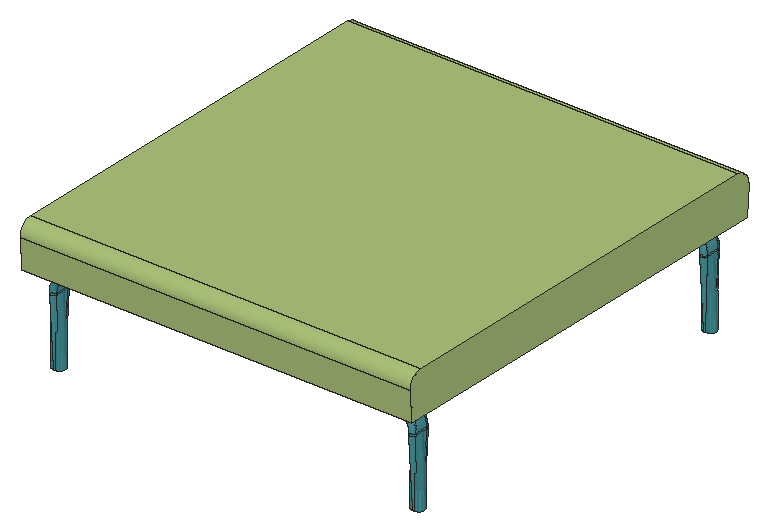
Revit family "FU_Modular_Sandler_Ambit 1071", category Furniture, Revit 2020
Family settings
  OmniClass Number = 23.40.20.00
  OmniClass Title = General Furniture and Specialties
  Work Plane-Based = No
  Always vertical = Yes
  Cut with Voids When Loaded = No
  Shared = No
  Room Calculation Point = No
Parameters (values of type "Ambit 1071")
  Width = 1200 mm
  URL = "https://www.sandlerseating.com/product/ambit-1071/"
  Seat [instance] = Fabric - Manhattan - Ellis YI365
  Model = "Ambit 1071"
  Manufacturer = "Sandler"
  Height = 430 mm
  Frame [instance] = Metal - Paint -AL VR - Water Blue
  Description = "Bench for modular seating system. Upholstered top with feet in cast aluminium."
  Depth = 1300 mm
  Default Elevation = 0 mm
Reference planes
  plane 1 "Center (Front/Back)": y = 0
  plane 2: z = 0
  plane 3 "Center (Left/Right)": x = 0
  plane 4 "Right": x = -600
  plane 5 "Left": x = 600
  plane 6 "Back": y = 650
  plane 7 "Front": y = -650
  plane 8 "Height": z = 430
  plane 9 "Seat base": z = 287.001
  plane 10 "FL C TOP": y = -560.5
  plane 11 "Left Legs FRONT": x = 552.5
  plane 12 "Right Legs FRONT": x = -552.5
  plane 13 "BL C TOP": y = 560.5
Forms (mm)
  Sweep 1, solid, material "Metal - Paint -AL VR - Water Blue" <- "Frame"
    path origin (0, -560.5, 0) x (-1, 0, 0) y (0, 0, 1)
      loop
        line (-552.5, 212) -> (-552.5, 217)
        arc (-552.5, 217) -> (-534.926, 259.426) -> (-492.5, 277) r 60
        line (-492.5, 277) -> (492.5, 277)
        arc (492.5, 277) -> (534.926, 259.426) -> (552.5, 217) r 60
        line (552.5, 217) -> (552.5, 212)
    profile "Pro_Ambit_FF : Pro_Ambit_FF" origin (0, -560.5, 277) x (0, 0, 1) y (0, 1, 0)
      loop
        arc (-10, -20.066) -> (0, -30.066) -> (10, -20.066) r 10
        line (10, -20.066) -> (10, 20.066)
        arc (10, 20.066) -> (0, 30.066) -> (-10, 20.066) r 10
        line (-10, 20.066) -> (-10, -20.066)
  SweptBlend 2, solid, material "Metal - Paint -AL VR - Water Blue" <- "Frame"
    path origin (0, -560.5, 0) x (-1, 0, 0) y (0, 0, 1)
      loop
        line (552.5, 0) -> (552.5, 212)
    profile "Pro_Ambit_FFoot : Pro_Ambit_FFoot" origin (-552.5, -560.5, 0) x (1, 0, 0) y (0, 1, 0)
      loop
        arc (-3.305, 17.452) -> (-20.142, 0) -> (-3.305, -17.452) r 17.463
        line (-3.305, -17.452) -> (3.305, -17.452)
        arc (3.305, -17.452) -> (20.142, 0) -> (3.305, 17.452) r 17.463
        line (3.305, 17.452) -> (-3.305, 17.452)
    end profile "Pro_Ambit_FF : Pro_Ambit_FF" origin (-552.5, -560.5, 212) x (1, 0, 0) y (0, 1, 0)
      loop
        arc (-10, -20.066) -> (0, -30.066) -> (10, -20.066) r 10
        line (10, -20.066) -> (10, 20.066)
        arc (10, 20.066) -> (0, 30.066) -> (-10, 20.066) r 10
        line (-10, 20.066) -> (-10, -20.066)
  SweptBlend 3, solid, material "Metal - Paint -AL VR - Water Blue" <- "Frame"
    path origin (0, -560.5, 0) x (1, 0, 0) y (0, 0, 1)
      loop
        line (552.5, 0) -> (552.5, 212)
    profile "Pro_Ambit_FFoot : Pro_Ambit_FFoot" origin (552.5, -560.5, 0) x (1, 0, 0) y (0, 1, 0)
      loop
        line (-3.305, -17.452) -> (3.305, -17.452)
        arc (3.305, -17.452) -> (20.142, 0) -> (3.305, 17.452) r 17.463
        line (3.305, 17.452) -> (-3.305, 17.452)
        arc (-3.305, 17.452) -> (-20.142, 0) -> (-3.305, -17.452) r 17.463
    end profile "Pro_Ambit_FF : Pro_Ambit_FF" origin (552.5, -560.5, 212) x (1, 0, 0) y (0, 1, 0)
      loop
        line (-10, 20.066) -> (-10, -20.066)
        arc (-10, -20.066) -> (0, -30.066) -> (10, -20.066) r 10
        line (10, -20.066) -> (10, 20.066)
        arc (10, 20.066) -> (0, 30.066) -> (-10, 20.066) r 10
  Sweep 4, solid, material "Metal - Paint -AL VR - Water Blue" <- "Frame"
    path origin (0, 560.5, 0) x (-1, 0, 0) y (0, 0, 1)
      loop
        line (-552.5, 212) -> (-552.5, 217)
        arc (-552.5, 217) -> (-534.926, 259.426) -> (-492.5, 277) r 60
        line (-492.5, 277) -> (492.5, 277)
        arc (492.5, 277) -> (534.926, 259.426) -> (552.5, 217) r 60
        line (552.5, 217) -> (552.5, 212)
    profile "Pro_Ambit_FF : Pro_Ambit_FF" origin (0, 560.5, 277) x (0, 0, -1) y (0, -1, 0)
      loop
        line (-10, 20.066) -> (-10, -20.066)
        arc (-10, -20.066) -> (0, -30.066) -> (10, -20.066) r 10
        line (10, -20.066) -> (10, 20.066)
        arc (10, 20.066) -> (0, 30.066) -> (-10, 20.066) r 10
  SweptBlend 5, solid, material "Metal - Paint -AL VR - Water Blue" <- "Frame"
    path origin (0, 560.5, 0) x (-1, 0, 0) y (0, 0, 1)
      loop
        line (552.5, 0) -> (552.5, 212)
    profile "Pro_Ambit_FFoot : Pro_Ambit_FFoot" origin (-552.5, 560.5, 0) x (-1, 0, 0) y (0, -1, 0)
      loop
        line (-3.305, -17.452) -> (3.305, -17.452)
        arc (3.305, -17.452) -> (20.142, 0) -> (3.305, 17.452) r 17.463
        line (3.305, 17.452) -> (-3.305, 17.452)
        arc (-3.305, 17.452) -> (-20.142, 0) -> (-3.305, -17.452) r 17.463
    end profile "Pro_Ambit_FF : Pro_Ambit_FF" origin (-552.5, 560.5, 212) x (-1, 0, 0) y (0, -1, 0)
      loop
        line (-10, 20.066) -> (-10, -20.066)
        arc (-10, -20.066) -> (0, -30.066) -> (10, -20.066) r 10
        line (10, -20.066) -> (10, 20.066)
        arc (10, 20.066) -> (0, 30.066) -> (-10, 20.066) r 10
  SweptBlend 6, solid, material "Metal - Paint -AL VR - Water Blue" <- "Frame"
    path origin (0, 560.5, 0) x (-1, 0, 0) y (0, 0, 1)
      loop
        line (-552.5, 0) -> (-552.5, 212)
    profile "Pro_Ambit_FFoot : Pro_Ambit_FFoot" origin (552.5, 560.5, 0) x (-1, 0, 0) y (0, -1, 0)
      loop
        arc (-3.305, 17.452) -> (-20.142, 0) -> (-3.305, -17.452) r 17.463
        line (-3.305, -17.452) -> (3.305, -17.452)
        arc (3.305, -17.452) -> (20.142, 0) -> (3.305, 17.452) r 17.463
        line (3.305, 17.452) -> (-3.305, 17.452)
    end profile "Pro_Ambit_FF : Pro_Ambit_FF" origin (552.5, 560.5, 212) x (-1, 0, 0) y (0, -1, 0)
      loop
        arc (-10, -20.066) -> (0, -30.066) -> (10, -20.066) r 10
        line (10, -20.066) -> (10, 20.066)
        arc (10, 20.066) -> (0, 30.066) -> (-10, 20.066) r 10
        line (-10, 20.066) -> (-10, -20.066)
  Extrusion 7, solid, material "Fabric - Manhattan - Ellis YI365" <- "Seat"
    sketch origin (600, 0, 0) x (0, -1, 0) y (0, 0, 1)
      loop
        line (-642.806, 287.001) -> (642.806, 287.001) -> (649.944, 378.211)
        arc (649.944, 378.211) -> (639.816, 408.07) -> (611.203, 421.316) r 40
        arc (611.203, 421.316) -> (0, 430) -> (-611.203, 421.316) r 21512.373
        arc (-611.203, 421.316) -> (-639.816, 408.07) -> (-649.944, 378.211) r 40
        line (-649.944, 378.211) -> (-642.806, 287.001)
    from 0 to 1200
Dimensions and locks
  equal spacing: plane 4 "Right", plane 3 "Center (Left/Right)", plane 5 "Left"
  "Width": plane 4 "Right" to plane 5 "Left"
  equal spacing: plane 6 "Back", plane 1 "Center (Front/Back)", plane 7 "Front"
  "Depth": plane 6 "Back" to plane 7 "Front"
  "Height": plane 8 "Height" to level
  plane 8 "Height" to plane 9 "Seat base" = 142.999 mm
  locked: plane 6 "Back" to plane 13 "BL C TOP" at 89.5
  locked: plane 10 "FL C TOP" to plane 7 "Front" at 89.5
  locked: plane 4 "Right" to plane 12 "Right Legs FRONT" at 47.5
  locked: plane 11 "Left Legs FRONT" to plane 5 "Left" at 47.5
  aligned and locked: level to plane 2
  aligned and locked: Extrusion 7 to plane 5 "Left"
  aligned and locked: plane 4 "Right" to Extrusion 7
  aligned and locked: plane 5 "Left" to Extrusion 7
  aligned and locked: Extrusion 7 sketch curve to plane 9 "Seat base"
Automatic sketch dimensions
  plane 11 "Left Legs FRONT" to Sweep 1 sketch curve = 0 mm
  Sweep 1 sketch curve to plane 12 "Right Legs FRONT" = 0 mm
  Sweep 1 sketch curve to plane 9 "Seat base" = 10 mm
  plane 11 "Left Legs FRONT" to Sweep 1 sketch curve = 60 mm
  plane 12 "Right Legs FRONT" to Sweep 1 sketch curve = 60 mm
  Sweep 1 sketch curve to Sweep 1 sketch curve = 5 mm  (x2)
  SweptBlend 2 sketch curve to plane 12 "Right Legs FRONT" = 0 mm
  SweptBlend 2 sketch curve to level = 0 mm
  SweptBlend 2 sketch curve to plane 9 "Seat base" = 75 mm
  plane 11 "Left Legs FRONT" to SweptBlend 3 sketch curve = 0 mm
  SweptBlend 3 sketch curve to level = 0 mm
  plane 9 "Seat base" to SweptBlend 3 sketch curve = 75 mm
  plane 11 "Left Legs FRONT" to Sweep 4 sketch curve = 0 mm
  Sweep 4 sketch curve to plane 12 "Right Legs FRONT" = 0 mm
  plane 9 "Seat base" to Sweep 4 sketch curve = 10 mm
  Sweep 4 sketch curve to plane 11 "Left Legs FRONT" = 60 mm
  Sweep 4 sketch curve to plane 12 "Right Legs FRONT" = 60 mm
  Sweep 4 sketch curve to Sweep 4 sketch curve = 5 mm  (x2)
  SweptBlend 5 sketch curve to plane 12 "Right Legs FRONT" = 0 mm
  SweptBlend 5 sketch curve to level = 0 mm
  plane 9 "Seat base" to SweptBlend 5 sketch curve = 75 mm
  plane 11 "Left Legs FRONT" to SweptBlend 6 sketch curve = 0 mm
  SweptBlend 6 sketch curve to level = 0 mm
  plane 9 "Seat base" to SweptBlend 6 sketch curve = 75 mm
  Extrusion 7 sketch curve to plane 6 "Back" = 0.056 mm
  Extrusion 7 sketch curve to plane 6 "Back" = 39.934 mm
  plane 1 "Center (Front/Back)" to Extrusion 7 sketch curve = 0 mm
  plane 7 "Front" to Extrusion 7 sketch curve = 39.934 mm
  plane 7 "Front" to Extrusion 7 sketch curve = 7.194 mm
  plane 7 "Front" to Extrusion 7 sketch curve = 0.056 mm
  Extrusion 7 sketch curve to plane 8 "Height" = 51.789 mm
  Extrusion 7 sketch curve to Extrusion 7 sketch curve = 3.121 mm  (x2)
  Extrusion 7 sketch curve to plane 6 "Back" = 7.194 mm
  Extrusion 7 sketch curve to plane 8 "Height" = 8.684 mm
  Extrusion 7 sketch curve to plane 6 "Back" = 38.797 mm
  Extrusion 7 sketch curve to Extrusion 7 sketch curve = 0 mm
